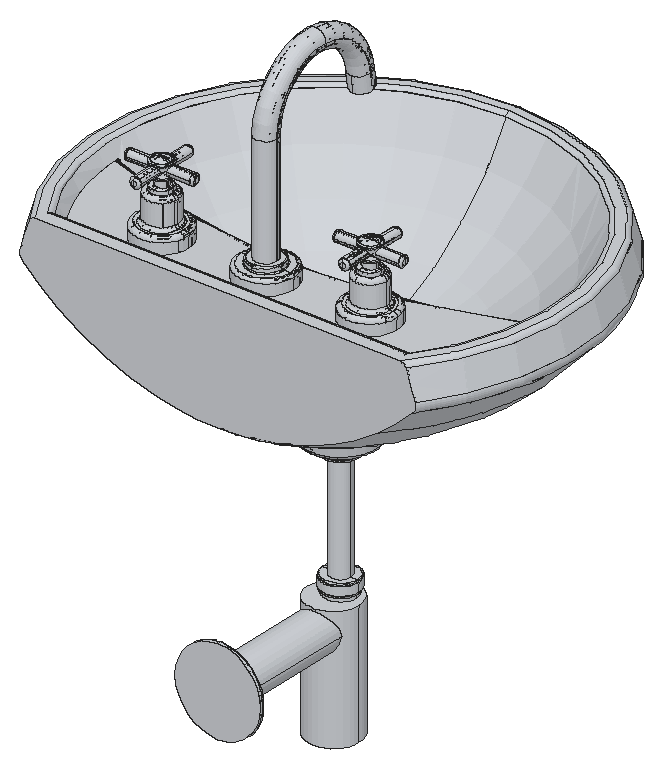
Revit family "Pia de parede - Com base na parede", category Peças hidrossanitárias, Revit 2019
Family settings
  Hospedeiro = Parede
  Cota do conector redondo = Utilizar diâmetro
  Tipo de parte = Normal
  Número OmniClass = 23.45.00.00
  Título OmniClass = Sanitary, Laundry, and Cleaning Equipment
  Sempre na vertical = Sim
  Corte com vazios quando carregada = Não
  Compartilhado = Não
  Ponto de cálculo do ambiente = Não
Parameters (values of type "455 x 360 x 850mm")
  Material da pia = none
  Altura da colocação = 850 mm
  Material do sifão = none
  Descrição = "Pia de parede"
Reference planes
  plane 1: y = 0
  plane 2 "Centro (Esquerda/Direita)": x = 125
  plane 3 "Parte posterior": y = 75
  plane 4: z = 0
  plane 5: z = 850
Text (mm)
  text "Lado da colocação" at (-1787.139, 592.35, 0), in view "Nível de referência"
  text "Lado da colocação" at (0, 1827.695, 2917.686), in view "Esquerda"
  text "Lado da colocação" at (0, 562.268, 3853.606), in view "Direita"
Dimensions and locks
  locked: plane 3 "Parte posterior" to host wall at 0
  locked: level to plane 4 at 0
  "Altura da colocação": plane 4 to plane 5
  aligned and locked: plane 1 to host wall
  aligned and locked: nested 1 to plane 2 "Centro (Esquerda/Direita)"
  aligned and locked: nested 1 to nested 2
  aligned and locked: nested 1 to plane 5
  aligned and locked: plane 3 "Parte posterior" to nested 1
Nested families
  nested 1: "Pia de parede" at (125, 75, 421.312), type "455 x 360 x 850mm"
  nested 2: "Torneira 3" at (125, 131.102, 835.007) x (-1, 0, 0) z (0, 0, 1), type "Torneira 3", detail levels fine
  nested 3: "Torneira 1" at (222.216, 131.102, 835.007) x (-1, 0, 0) z (0, 0, 1), type "Torneira 1", detail levels fine
  nested 4: "Torneira 1" at (27.784, 131.102, 835.007) x (-1, 0, 0) z (0, 0, 1), type "Torneira 1", detail levels fine
  nested 5: "Torneira 1" at (27.714, 130.877, 835.007) x (-1, 0, 0) z (0, 0, 1), type "Torneira 1"
  nested 6: "Torneira 1" at (222.286, 130.877, 835.007) x (-1, 0, 0) z (0, 0, 1), type "Torneira 1"
  nested 7: "Torneira 3" at (125, 130.877, 835.007) x (-1, 0, 0) z (0, 0, 1), type "Torneira 3"
Definition of nested family "Pia de parede"
  Parameters
    Material da pia = none
    Material do sifão = none
    Description = "Pia de parede"
  Reference planes
    plane 1 "Centro (Frente/Trás)": y = 0
    plane 2: z = 0
    plane 3 "Centro (Esquerda/Direita)": x = 0
    plane 4: y = -142.687
    plane 5: y = -55.877
    plane 6: z = 393.344
    plane 7: y = -132.708
    plane 8: y = -21.225
    plane 9: z = 413.695
    plane 10: z = 428.688
  Forms (mm)
    Extrusion 1, void
      sketch origin (-212.64, -1524, 393.344) x (0, -1, 0) y (-1, 0, 0)
        loop
          line (-1668.849, 25.211) -> (-1668.849, -451.608) -> (-1524, -451.608) -> (-1524, 25.211) -> (-1668.849, 25.211)
      from -96.535 to 151.743
    Revolve 2, solid, material <- "Material da pia"
      sketch origin (0, 0, -421.312) x (0, 1, 0) y (0, 0, 1)
        loop
          arc (-357.87, 810.842) -> (-320.779, 772.06) -> (-276.849, 741.239) r 274.398
          arc (-276.849, 741.239) -> (-269.566, 736.86) -> (-262.178, 732.659) r 349.23
          arc (-262.178, 732.659) -> (-203.7, 709.396) -> (-141.265, 701.475) r 250
          line (-141.265, 701.475) -> (-132.708, 701.475) -> (-132.708, 725.026)
          arc (-132.708, 725.026) -> (-251.164, 757.968) -> (-335.607, 847.335) r 229.45
          arc (-335.607, 847.335) -> (-337.447, 849.282) -> (-340.028, 850) r 5
          line (-340.028, 850) -> (-348.051, 850)
          arc (-348.051, 850) -> (-351.092, 848.969) -> (-352.879, 846.3) r 5
          line (-352.879, 846.3) -> (-359.833, 820.47)
          arc (-359.833, 820.47) -> (-359.989, 815.424) -> (-357.87, 810.842) r 10.976
        axis (-132.708, 850) -> (-132.708, 701.475)
      angle from 0 to 360
    Sweep 3, void
      path origin (-714.38, -1524, 428.688) x (-1, 0, 0) y (0, -1, 0)
        loop
          circle (-714.38, -1391.292) r 227.5
      profile origin (0, -360.208, 428.688) x (0, -1, 0) y (0, 0, 1)
        loop
          line (-7.329, -3.7) -> (-0.375, -29.53)
          arc (-0.375, -29.53) -> (-0.219, -34.576) -> (-2.338, -39.158) r 10.976
          arc (-2.338, -39.158) -> (-39.429, -77.94) -> (-83.359, -108.761) r 274.398
          arc (-83.359, -108.761) -> (-90.642, -113.14) -> (-98.03, -117.341) r 349.23
          arc (-98.03, -117.341) -> (-156.508, -140.604) -> (-218.943, -148.525) r 250
          line (-218.943, -148.525) -> (-227.5, -148.525) -> (-227.5, -178.761) -> (52.5, -178.761) -> (52.5, 13.024) -> (-12.158, 13.024) -> (-12.158, 0)
          arc (-12.158, 0) -> (-9.116, -1.031) -> (-7.329, -3.7) r 5
    Extrusion 4, solid, material <- "Material da pia"
      sketch origin (-714.38, -1524, 428.688) x (-1, 0, 0) y (0, -1, 0)
        loop
          arc (-514.391, -1393.421) -> (-714.38, -1436.193) -> (-914.368, -1393.421) r 488.927
          arc (-914.368, -1393.421) -> (-900.982, -1463.259) -> (-864.007, -1524) r 200
          line (-864.007, -1524) -> (-564.752, -1524)
          arc (-564.752, -1524) -> (-527.777, -1463.259) -> (-514.391, -1393.421) r 200
      from -153.396 to -14.993
    Extrusion 5, solid, material <- "Material do sifão"
      sketch origin (-714.38, -1518.64, 428.688) x (-1, 0, 0) y (0, -1, 0)
        loop
          circle (-714.38, -1383.954) r 24
      from -428.688 to -314.688
    Extrusion 6, solid, material <- "Material do sifão"
      sketch origin (0, 0, -412.27) x (1, 0, 0) y (0, 0, 1)
        loop
          circle (0, 505.414) r 19
      from 0 to 121.771
    Revolve 7, solid, material <- "Material do sifão"
      sketch origin (0, 0, -421.312) x (0, 1, 0) y (0, 0, 1)
        loop
          line (0, 554.406) -> (-2.716, 554.406)
          arc (-2.716, 554.406) -> (-3.325, 554.199) -> (-3.682, 553.663) r 1
          arc (-3.682, 553.663) -> (-7.838, 545.751) -> (-15, 540.406) r 20.204
          line (-15, 540.406) -> (-15, 539.156)
          arc (-15, 539.156) -> (-16.768, 538.424) -> (-17.5, 536.656) r 2.5
          line (-17.5, 536.656) -> (-17.5, 514.455) -> (0, 514.455) -> (0, 554.406)
        axis (0, 514.455) -> (-17.5, 514.455)
      angle from 0 to 360
    Revolve 8, solid, material <- "Material da pia"
      sketch origin (0, 0, -421.312) x (0, 1, 0) y (0, 0, 1)
        loop
          line (-182.83, 700.136) -> (-176.246, 666.262)
          arc (-176.246, 666.262) -> (-175.615, 664.943) -> (-174.255, 664.408) r 1.996
          line (-174.255, 664.408) -> (-142.687, 664.408) -> (-142.687, 708.228) -> (-192.646, 708.228)
          arc (-192.646, 708.228) -> (-186.285, 705.944) -> (-182.83, 700.136) r 10
        axis (-142.687, 708.228) -> (-142.687, 664.408)
      angle from 0 to 360
    Extrusion 9, solid, material <- "Material do sifão"
      sketch origin (-714.38, -1524, 428.688) x (-1, 0, 0) y (0, -1, 0)
        loop
          circle (-714.38, -1381.313) r 9.5
      from -299.206 to -197.186
    Revolve 10, solid, material <- "Material do sifão"
      sketch origin (0, -142.687, 3578.688) x (-1, 0, 0) y (0, 0, 1)
        loop
          arc (16.5, -3336.086) -> (16.354, -3335.732) -> (16, -3335.586) r 0.5
          line (16, -3335.586) -> (0, -3335.586) -> (0, -3347.186) -> (16, -3347.186)
          arc (16, -3347.186) -> (16.354, -3347.04) -> (16.5, -3346.686) r 0.5
          line (16.5, -3346.686) -> (16.5, -3345.686) -> (17.201, -3345.281) -> (17.201, -3337.489) -> (16.5, -3337.085) -> (16.5, -3336.086)
        loop
          line (0, -3449.206) -> (0, -3464.688) -> (15.024, -3464.688) -> (15.024, -3460.806) -> (16, -3460.806)
          arc (16, -3460.806) -> (16.354, -3460.66) -> (16.5, -3460.306) r 0.5
          line (16.5, -3460.306) -> (16.5, -3459.306) -> (17.201, -3458.902) -> (17.201, -3451.109) -> (16.5, -3450.706) -> (16.5, -3449.706)
          arc (16.5, -3449.706) -> (16.354, -3449.352) -> (16, -3449.206) r 0.5
          line (16, -3449.206) -> (0, -3449.206)
        axis (0, -3335.586) -> (0, -3464.688)
      angle from 0 to 360
    Extrusion 11, solid, material <- "Material da pia"
      sketch origin (0, 0, -421.312) x (0, 1, 0) y (0, 0, 1)
        loop
          line (-21.225, 835.007) -> (0, 835.007) -> (0, 850) -> (-12.033, 850)
          arc (-12.033, 850) -> (-14.865, 849.121) -> (-16.701, 846.792) r 5
          line (-16.701, 846.792) -> (-21.225, 835.007)
      from -171.71 to 166.483
    Sweep 12, void
      path origin (-195.854, -1524, 413.695) x (-1, 0, 0) y (0, -1, 0)
        loop
          arc (8.817, -1391.292) -> (-195.854, -1436.193) -> (-400.525, -1391.292) r 488.927
      profile origin (0, -87.807, 413.695) x (0, 1, 0) y (0, 0, 1)
        loop
          line (3.327, -0.288) -> (4.138, 0) -> (0, 0) -> (0, -4.138) -> (0.288, -3.327)
          arc (0.288, -3.327) -> (1.464, -1.464) -> (3.327, -0.288) r 5
  Cuts and joins
    joined: Extrusion 5, Extrusion 6, Revolve 7, Extrusion 9, Revolve 10
    Extrusion 1, Sweep 12 cuts Revolve 2
    Sweep 3, Sweep 12 cuts Extrusion 4
    Sweep 12 cuts Revolve 8
    Sweep 12 cuts Extrusion 11
    joined: Revolve 2, Extrusion 4, Revolve 8, Extrusion 11
  Lines and regions (mm)
    Masking region 1
      outline origin (0, 0, 0) x (1, 0, 0) y (0, 1, 0)
        loop
          line (189.902, 0) -> (-189.902, 0)
          arc (-189.902, 0) -> (-190.918, -0.278) -> (-191.651, -1.036) r 1.996
          arc (-191.651, -1.036) -> (-211.708, -46.003) -> (-224.122, -93.649) r 299.342
          arc (-224.122, -93.649) -> (-174.13, -279.116) -> (0, -360.209) r 227.5
          arc (0, -360.209) -> (174.13, -279.116) -> (224.122, -93.649) r 227.5
          arc (224.122, -93.649) -> (211.708, -46.003) -> (191.651, -1.036) r 299.342
          arc (191.651, -1.036) -> (190.918, -0.278) -> (189.902, 0) r 1.996
    Masking region 2
      outline origin (0, 0, -421.312) x (1, 0, 0) y (0, 0, 1)
        loop
          arc (-179.268, 846.49) -> (-197.166, 846.16) -> (-215.062, 845.76) r 4575.985
          arc (-215.062, 845.76) -> (-219.269, 844.215) -> (-221.676, 840.437) r 6.985
          line (-221.676, 840.437) -> (-227.132, 818.215)
          arc (-227.132, 818.215) -> (-227.3, 813.797) -> (-225.711, 809.672) r 10.976
          arc (-225.711, 809.672) -> (-201.103, 778.094) -> (-171.152, 751.53) r 218.727
          arc (-171.152, 751.53) -> (-129.265, 724.594) -> (-84.35, 703.085) r 399.124
          arc (-84.35, 703.085) -> (-83.037, 702.765) -> (-81.685, 702.809) r 4.989
          arc (-81.685, 702.809) -> (-66.936, 705.189) -> (-52.119, 707.095) r 466.077
          arc (-52.119, 707.095) -> (-40.868, 703.722) -> (-35.517, 693.266) r 14.967
          line (-35.517, 693.266) -> (-33.629, 666.271)
          arc (-33.629, 666.271) -> (-32.999, 664.95) -> (-31.638, 664.414) r 1.996
          line (-31.638, 664.414) -> (-9.5, 664.414) -> (-9.5, 535.312) -> (-24, 535.312) -> (-24, 421.312) -> (24, 421.312) -> (24, 535.312) -> (9.5, 535.312) -> (9.5, 664.414) -> (31.638, 664.414)
          arc (31.638, 664.414) -> (32.999, 664.95) -> (33.629, 666.271) r 1.996
          line (33.629, 666.271) -> (35.517, 693.266)
          arc (35.517, 693.266) -> (40.868, 703.722) -> (52.119, 707.095) r 14.967
          arc (52.119, 707.095) -> (66.936, 705.189) -> (81.685, 702.809) r 466.077
          arc (81.685, 702.809) -> (83.037, 702.765) -> (84.35, 703.085) r 4.989
          arc (84.35, 703.085) -> (129.265, 724.594) -> (171.153, 751.529) r 399.124
          arc (171.153, 751.529) -> (201.103, 778.094) -> (225.711, 809.672) r 218.727
          arc (225.711, 809.672) -> (227.3, 813.797) -> (227.132, 818.215) r 10.976
          line (227.132, 818.215) -> (221.676, 840.437)
          arc (221.676, 840.437) -> (219.269, 844.215) -> (215.062, 845.754) r 6.985
          arc (215.062, 845.754) -> (197.166, 846.16) -> (179.268, 846.49) r 4575.985
          arc (179.268, 846.49) -> (89.651, 849.123) -> (0, 850) r 4575.984
          arc (0, 850) -> (-89.651, 849.123) -> (-179.268, 846.49) r 4575.984
    Masking region 3, detail levels coarse
      outline origin (0, 0, -421.312) x (1, 0, 0) y (0, 0, 1)
        loop
          line (-9.5, 664.414) -> (-9.5, 535.312) -> (9.5, 535.312) -> (9.5, 664.414) -> (-9.5, 664.414)
    Masking region 4, detail levels fine
      outline origin (0, 0, -421.312) x (1, 0, 0) y (0, 0, 1)
        loop
          arc (-16, 664.414) -> (-16.354, 664.268) -> (-16.5, 663.914) r 0.5
          line (-16.5, 663.914) -> (-16.5, 662.915) -> (-17.2, 662.511) -> (-17.2, 654.719) -> (-16.5, 654.314) -> (-16.5, 653.314)
          arc (-16.5, 653.314) -> (-16.354, 652.96) -> (-16, 652.814) r 0.5
          line (-16, 652.814) -> (-9.5, 652.814) -> (-9.5, 664.414) -> (-16, 664.414)
        loop
          line (-9.5, 550.794) -> (-16, 550.794)
          arc (-16, 550.794) -> (-16.354, 550.648) -> (-16.5, 550.294) r 0.5
          line (-16.5, 550.294) -> (-16.5, 549.294) -> (-17.2, 548.891) -> (-17.2, 541.098) -> (-16.5, 540.694) -> (-16.5, 539.694)
          arc (-16.5, 539.694) -> (-16.354, 539.34) -> (-16, 539.194) r 0.5
          line (-16, 539.194) -> (-15.023, 539.194) -> (-15.023, 535.312) -> (-9.5, 535.312) -> (-9.5, 550.794)
        loop
          line (15.023, 535.312) -> (15.023, 539.194) -> (16, 539.194)
          arc (16, 539.194) -> (16.354, 539.34) -> (16.5, 539.694) r 0.5
          line (16.5, 539.694) -> (16.5, 540.694) -> (17.2, 541.098) -> (17.2, 548.891) -> (16.5, 549.294) -> (16.5, 550.294)
          arc (16.5, 550.294) -> (16.354, 550.648) -> (16, 550.794) r 0.5
          line (16, 550.794) -> (9.5, 550.794) -> (9.5, 535.312) -> (15.023, 535.312)
        loop
          arc (16.5, 663.914) -> (16.354, 664.268) -> (16, 664.414) r 0.5
          line (16, 664.414) -> (9.5, 664.414) -> (9.5, 652.814) -> (16, 652.814)
          arc (16, 652.814) -> (16.354, 652.96) -> (16.5, 653.314) r 0.5
          line (16.5, 653.314) -> (16.5, 654.314) -> (17.2, 654.719) -> (17.2, 662.511) -> (16.5, 662.915) -> (16.5, 663.914)
    Masking region 5, detail levels medium
      outline origin (0, 0, -421.312) x (1, 0, 0) y (0, 0, 1)
        loop
          arc (-16, 664.414) -> (-16.354, 664.268) -> (-16.5, 663.914) r 0.5
          line (-16.5, 663.914) -> (-16.5, 653.314)
          arc (-16.5, 653.314) -> (-16.354, 652.96) -> (-16, 652.814) r 0.5
          line (-16, 652.814) -> (-9.5, 652.814) -> (-9.5, 664.414) -> (-16, 664.414)
        loop
          line (-9.5, 550.794) -> (-16, 550.794)
          arc (-16, 550.794) -> (-16.354, 550.648) -> (-16.5, 550.294) r 0.5
          line (-16.5, 550.294) -> (-16.5, 539.694)
          arc (-16.5, 539.694) -> (-16.354, 539.34) -> (-16, 539.194) r 0.5
          line (-16, 539.194) -> (-15.023, 539.194) -> (-15.023, 535.312) -> (-9.5, 535.312) -> (-9.5, 550.794)
        loop
          line (15.023, 535.312) -> (15.023, 539.194) -> (16, 539.194)
          arc (16, 539.194) -> (16.354, 539.34) -> (16.5, 539.694) r 0.5
          line (16.5, 539.694) -> (16.5, 550.294)
          arc (16.5, 550.294) -> (16.354, 550.648) -> (16, 550.794) r 0.5
          line (16, 550.794) -> (9.5, 550.794) -> (9.5, 535.312) -> (15.023, 535.312)
        loop
          arc (16.5, 663.914) -> (16.354, 664.268) -> (16, 664.414) r 0.5
          line (16, 664.414) -> (9.5, 664.414) -> (9.5, 652.814) -> (16, 652.814)
          arc (16, 652.814) -> (16.354, 652.96) -> (16.5, 653.314) r 0.5
          line (16.5, 653.314) -> (16.5, 663.914)
    Masking region 6
      outline origin (0, 0, -421.306) x (0, 1, 0) y (0, 0, 1)
        loop
          line (0, 666.403) -> (0, 848.005)
          arc (0, 848.005) -> (-0.584, 849.416) -> (-1.995, 850) r 1.995
          line (-1.995, 850) -> (-9.322, 850)
          arc (-9.322, 850) -> (-178.515, 845.113) -> (-347.778, 845.01) r 5986.847
          arc (-347.778, 845.01) -> (-352.084, 843.599) -> (-354.617, 839.842) r 6.985
          line (-354.617, 839.842) -> (-359.833, 820.47)
          arc (-359.833, 820.47) -> (-359.989, 815.424) -> (-357.87, 810.842) r 10.976
          arc (-357.87, 810.842) -> (-320.779, 772.06) -> (-276.849, 741.239) r 274.398
          arc (-276.849, 741.239) -> (-263.455, 733.368) -> (-249.724, 726.102) r 349.23
          arc (-249.724, 726.102) -> (-246.509, 724.428) -> (-243.283, 722.777) r 498.931
          arc (-243.283, 722.777) -> (-238.309, 718.843) -> (-235.259, 713.283) r 15.965
          arc (-235.259, 713.283) -> (-233.492, 710.777) -> (-230.593, 709.778) r 4.989
          line (-230.593, 709.778) -> (-208.296, 708.583)
          arc (-208.296, 708.583) -> (-196.921, 704.833) -> (-185.425, 701.475) r 349.233
          arc (-185.425, 701.475) -> (-180.345, 698.18) -> (-178.105, 692.554) r 9.978
          line (-178.105, 692.554) -> (-176.246, 666.262)
          arc (-176.246, 666.262) -> (-175.615, 664.943) -> (-174.255, 664.408) r 1.996
          line (-174.255, 664.408) -> (-152.187, 664.408) -> (-152.187, 535.306) -> (-158.687, 535.306) -> (-158.687, 421.306) -> (-110.687, 421.306) -> (-110.687, 495.455) -> (0, 495.455) -> (0, 533.455) -> (-110.687, 533.455) -> (-110.687, 535.306) -> (-133.187, 535.306) -> (-133.187, 664.408) -> (-110.717, 664.408)
          arc (-110.717, 664.408) -> (-109.72, 664.675) -> (-108.989, 665.405) r 1.996
          arc (-108.989, 665.405) -> (-108.259, 666.136) -> (-107.261, 666.403) r 1.996
          line (-107.261, 666.403) -> (0, 666.403)
    Masking region 7, detail levels medium
      outline origin (0, 0, -421.306) x (0, 1, 0) y (0, 0, 1)
        loop
          line (-133.187, 664.408) -> (-133.187, 652.807) -> (-126.687, 652.807)
          arc (-126.687, 652.807) -> (-126.333, 652.954) -> (-126.187, 653.307) r 0.5
          line (-126.187, 653.307) -> (-126.187, 663.908)
          arc (-126.187, 663.908) -> (-126.333, 664.261) -> (-126.687, 664.408) r 0.5
          line (-126.687, 664.408) -> (-133.187, 664.408)
        loop
          line (-152.187, 664.408) -> (-158.687, 664.408)
          arc (-158.687, 664.408) -> (-159.04, 664.261) -> (-159.187, 663.908) r 0.5
          line (-159.187, 663.908) -> (-159.187, 653.307)
          arc (-159.187, 653.307) -> (-159.04, 652.954) -> (-158.687, 652.807) r 0.5
          line (-158.687, 652.807) -> (-152.187, 652.807) -> (-152.187, 664.408)
        loop
          line (-133.187, 550.787) -> (-133.187, 535.306) -> (-127.687, 535.306) -> (-127.687, 539.187) -> (-126.687, 539.187)
          arc (-126.687, 539.187) -> (-126.333, 539.334) -> (-126.187, 539.687) r 0.5
          line (-126.187, 539.687) -> (-126.187, 550.287)
          arc (-126.187, 550.287) -> (-126.333, 550.641) -> (-126.687, 550.787) r 0.5
          line (-126.687, 550.787) -> (-133.187, 550.787)
        loop
          line (-152.187, 550.787) -> (-158.687, 550.787)
          arc (-158.687, 550.787) -> (-159.04, 550.641) -> (-159.187, 550.287) r 0.5
          line (-159.187, 550.287) -> (-159.187, 539.687)
          arc (-159.187, 539.687) -> (-159.04, 539.334) -> (-158.687, 539.187) r 0.5
          line (-158.687, 539.187) -> (-157.687, 539.187) -> (-157.687, 535.306) -> (-152.187, 535.306) -> (-152.187, 550.787)
    Masking region 8, detail levels fine
      outline origin (0, 0, -421.306) x (0, 1, 0) y (0, 0, 1)
        loop
          arc (-126.187, 663.908) -> (-126.333, 664.261) -> (-126.687, 664.408) r 0.5
          line (-126.687, 664.408) -> (-133.187, 664.408) -> (-133.187, 652.807) -> (-126.687, 652.807)
          arc (-126.687, 652.807) -> (-126.333, 652.954) -> (-126.187, 653.307) r 0.5
          line (-126.187, 653.307) -> (-126.187, 654.307) -> (-125.486, 654.712) -> (-125.486, 662.504) -> (-126.187, 662.908) -> (-126.187, 663.908)
        loop
          line (-133.187, 550.787) -> (-133.187, 535.306) -> (-127.687, 535.306) -> (-127.687, 539.187) -> (-126.687, 539.187)
          arc (-126.687, 539.187) -> (-126.333, 539.334) -> (-126.187, 539.687) r 0.5
          line (-126.187, 539.687) -> (-126.187, 540.687) -> (-125.487, 541.092) -> (-125.487, 548.884) -> (-126.187, 549.287) -> (-126.187, 550.287)
          arc (-126.187, 550.287) -> (-126.333, 550.641) -> (-126.687, 550.787) r 0.5
          line (-126.687, 550.787) -> (-133.187, 550.787)
        loop
          line (-159.187, 663.908) -> (-159.187, 662.908) -> (-159.887, 662.504) -> (-159.887, 654.712) -> (-159.187, 654.307) -> (-159.187, 653.307)
          arc (-159.187, 653.307) -> (-159.04, 652.954) -> (-158.687, 652.807) r 0.5
          line (-158.687, 652.807) -> (-152.187, 652.807) -> (-152.187, 664.408) -> (-158.687, 664.408)
          arc (-158.687, 664.408) -> (-159.04, 664.261) -> (-159.187, 663.908) r 0.5
        loop
          line (-152.187, 550.787) -> (-158.687, 550.787)
          arc (-158.687, 550.787) -> (-159.04, 550.641) -> (-159.187, 550.287) r 0.5
          line (-159.187, 550.287) -> (-159.187, 549.287) -> (-159.887, 548.884) -> (-159.887, 541.092) -> (-159.187, 540.687) -> (-159.187, 539.687)
          arc (-159.187, 539.687) -> (-159.04, 539.334) -> (-158.687, 539.187) r 0.5
          line (-158.687, 539.187) -> (-157.687, 539.187) -> (-157.687, 535.306) -> (-152.187, 535.306) -> (-152.187, 550.787)
    Masking region 9, detail levels medium+fine
      outline origin (0, 0, -421.306) x (0, 1, 0) y (0, 0, 1)
        loop
          line (0, 554.406) -> (-2.716, 554.406)
          arc (-2.716, 554.406) -> (-3.325, 554.199) -> (-3.682, 553.663) r 1
          arc (-3.682, 553.663) -> (-7.838, 545.751) -> (-15, 540.406) r 20.204
          line (-15, 540.406) -> (-15, 539.156)
          arc (-15, 539.156) -> (-16.768, 538.424) -> (-17.5, 536.656) r 2.5
          line (-17.5, 536.656) -> (-17.5, 533.455) -> (0, 533.455) -> (0, 554.406)
        loop
          line (0, 474.407) -> (0, 495.357) -> (-17.5, 495.357) -> (-17.5, 492.156)
          arc (-17.5, 492.156) -> (-16.768, 490.388) -> (-15, 489.656) r 2.5
          line (-15, 489.656) -> (-15, 488.406)
          arc (-15, 488.406) -> (-7.838, 483.061) -> (-3.682, 475.149) r 20.204
          arc (-3.682, 475.149) -> (-3.325, 474.614) -> (-2.716, 474.407) r 1
          line (-2.716, 474.407) -> (0, 474.407)
    Masking region 10, detail levels medium+fine
      outline origin (0, 0, 93.15) x (0, 1, 0) y (0, 0, 1)
        loop
          line (0, 19) -> (0, -19) -> (18.5, -19) -> (18.5, 19) -> (0, 19)
    symbolic lines, detail levels medium+fine
      curve 1: arc (-134.984, -28.029, 0) -> (-169.284, -42.342, 0) -> (-190.094, -73.136, 0) r 64.858
      curve 2: arc (-190.094, -73.136, 0) -> (-196.472, -99.794, 0) -> (-199.13, -127.075, 0) r 199.21
      curve 3: arc (-199.13, -127.075, 0) -> (-198.25, -128.787, 0) -> (-196.334, -128.959, 0) r 1.996
      curve 5: arc (135.079, -28.039, 0) -> (0.047, -20.954, 0) -> (-134.984, -28.029, 0) r 1291.208
      curve 30: line (-227.408, 0, 393.344) -> (227.263, 0, 393.344)
      curve 46: line (-15.023, 0, 117.882) -> (-15.023, 0, 114)
      curve 47: line (-9.5, 0, 231.502) -> (-9.5, 0, 129.482)
      curve 49: line (-16, 0, 231.502) -> (16, 0, 231.502)
      curve 50: line (-16.5, 0, 241.602) -> (-16.5, 0, 242.602)
      curve 51: line (-16.5, 0, 232.002) -> (-16.5, 0, 233.002)
      curve 52: line (16, 0, 117.882) -> (-16, 0, 117.882)
      curve 53: line (16, 0, 129.482) -> (-16, 0, 129.482)
      curve 54: line (-16.5, 0, 119.382) -> (-16.5, 0, 118.382)
      curve 55: line (-16.5, 0, 128.982) -> (-16.5, 0, 127.982)
      curve 58: arc (-16.5, 0, 242.602) -> (-16.354, 0, 242.955) -> (-16, 0, 243.102) r 0.5
      curve 59: arc (-16.5, 0, 232.002) -> (-16.354, 0, 231.648) -> (-16, 0, 231.502) r 0.5
      curve 60: arc (-16, 0, 129.482) -> (-16.354, 0, 129.335) -> (-16.5, 0, 128.982) r 0.5
      curve 61: arc (-16.5, 0, 118.382) -> (-16.354, 0, 118.028) -> (-16, 0, 117.882) r 0.5
      curve 64: arc (-51.416, 0, 285.845) -> (-25.711, 0, 287.984) -> (0.073, 0, 288.698) r 466.078
      curve 68: arc (0, -87.405, 250.653) -> (0, -89.298, 246.701) -> (0, -93.376, 245.098) r 5.987
      curve 69: arc (0, -0.001, 320.86) -> (0, -0.878, 318.743) -> (0, -2.994, 317.866) r 2.993
      curve 70: arc (0, -68.626, 317.866) -> (0, -78.821, 313.857) -> (0, -83.554, 303.977) r 14.967
      curve 103: line (0, -157.687, 117.882) -> (0, -157.687, 114)
      curve 104: line (0, -127.687, 117.882) -> (0, -127.687, 114)
      curve 106: line (0, -133.187, 231.502) -> (0, -133.187, 129.482)
      curve 107: line (0, -152.187, 231.502) -> (0, -152.187, 129.482)
      curve 110: line (0, -126.687, 231.502) -> (0, -158.687, 231.502)
      curve 111: line (0, -159.187, 241.602) -> (0, -159.187, 242.602)
      curve 112: line (0, -159.187, 232.002) -> (0, -159.187, 233.002)
      curve 113: line (0, -126.187, 241.602) -> (0, -126.187, 242.602)
      curve 114: line (0, -126.187, 232.002) -> (0, -126.187, 233.002)
      curve 115: line (0, -158.687, 129.482) -> (0, -126.687, 129.482)
      curve 116: line (0, -158.687, 117.882) -> (0, -126.687, 117.882)
      curve 117: line (0, -126.187, 119.382) -> (0, -126.187, 118.382)
      curve 118: line (0, -126.187, 128.982) -> (0, -126.187, 127.982)
      curve 119: line (0, -159.187, 119.382) -> (0, -159.187, 118.382)
      curve 120: line (0, -159.187, 128.982) -> (0, -159.187, 127.982)
      curve 121: line (0, 0, 133.1) -> (0, 0, 112.15)
      curve 122: line (0, -17.5, 115.35) -> (0, -17.5, 70.949)
      curve 125: line (0, -87.405, 250.653) -> (0, -85.236, 280.682)
      curve 128: line (0, -2.994, 317.866) -> (0, -68.626, 317.866)
      curve 129: line (0, -83.554, 303.977) -> (0, -85.236, 280.682)
      curve 137: arc (0, -126.187, 242.602) -> (0, -126.333, 242.955) -> (0, -126.687, 243.102) r 0.5
      curve 138: arc (0, -158.687, 243.102) -> (0, -159.04, 242.955) -> (0, -159.187, 242.602) r 0.5
      curve 139: arc (0, -126.187, 232.002) -> (0, -126.333, 231.648) -> (0, -126.687, 231.502) r 0.5
      curve 140: arc (0, -158.687, 231.502) -> (0, -159.04, 231.648) -> (0, -159.187, 232.002) r 0.5
      curve 141: arc (0, -126.187, 128.982) -> (0, -126.333, 129.335) -> (0, -126.687, 129.482) r 0.5
      curve 142: arc (0, -158.687, 129.482) -> (0, -159.04, 129.335) -> (0, -159.187, 128.982) r 0.5
      curve 143: arc (0, -126.187, 118.382) -> (0, -126.333, 118.028) -> (0, -126.687, 117.882) r 0.5
      curve 144: arc (0, -158.687, 117.882) -> (0, -159.04, 118.028) -> (0, -159.187, 118.382) r 0.5
      curve 152: arc (135.079, -28.039, 0) -> (169.321, -42.372, 0) -> (190.094, -73.136, 0) r 64.858
      curve 153: arc (190.094, -73.136, 0) -> (196.472, -99.794, 0) -> (199.13, -127.075, 0) r 199.21
      curve 154: arc (199.13, -127.075, 0) -> (198.265, -128.777, 0) -> (196.366, -128.973, 0) r 1.996
      curve 178: line (9.5, 0, 231.502) -> (9.5, 0, 129.482)
      curve 181: arc (51.416, 0, 285.845) -> (25.711, 0, 287.984) -> (-0.073, 0, 288.698) r 466.078
      curve 184: line (16.5, 0, 241.602) -> (16.5, 0, 242.602)
      curve 185: line (16.5, 0, 232.002) -> (16.5, 0, 233.002)
      curve 188: arc (16.5, 0, 242.602) -> (16.354, 0, 242.955) -> (16, 0, 243.102) r 0.5
      curve 189: arc (16.5, 0, 232.002) -> (16.354, 0, 231.648) -> (16, 0, 231.502) r 0.5
      curve 194: line (15.023, 0, 117.882) -> (15.023, 0, 114)
      curve 195: line (16.5, 0, 119.382) -> (16.5, 0, 118.382)
      curve 196: line (16.5, 0, 128.982) -> (16.5, 0, 127.982)
      curve 197: arc (16, 0, 129.482) -> (16.354, 0, 129.335) -> (16.5, 0, 128.982) r 0.5
      curve 198: arc (16.5, 0, 118.382) -> (16.354, 0, 118.028) -> (16, 0, 117.882) r 0.5
      curve 203: line (0, 0, 133.1) -> (0, -2.716, 133.1)
      curve 204: arc (0, -2.716, 133.1) -> (0, -3.325, 132.893) -> (0, -3.682, 132.358) r 1
      curve 205: arc (0, -3.682, 132.358) -> (0, -7.838, 124.446) -> (0, -15, 119.1) r 20.204
      curve 206: arc (0, -15, 117.85) -> (0, -16.768, 117.118) -> (0, -17.5, 115.35) r 2.5
      curve 207: line (0, -15, 119.1) -> (0, -15, 117.85)
      curve 208: line (0, 0, 53.2) -> (0, -2.716, 53.2)
      curve 209: arc (0, -2.716, 53.2) -> (0, -3.325, 53.407) -> (0, -3.682, 53.942) r 1
      curve 210: arc (0, -3.682, 53.942) -> (0, -7.838, 61.854) -> (0, -15, 67.2) r 20.204
      curve 211: arc (0, -15, 68.449) -> (0, -16.768, 69.182) -> (0, -17.5, 70.949) r 2.5
      curve 212: line (0, -15, 67.2) -> (0, -15, 68.449)
      curve 216: line (0, 0, 74.15) -> (0, 0, 53.101)
      curve 217: line (0, 0, 112.15) -> (0, 18.5, 112.15)
      curve 218: line (0, 0, 74.15) -> (0, 18.5, 74.15)
      curve 219: line (0, 18.5, 112.15) -> (0, 18.5, 74.15)
    symbolic lines
      curve 4: arc (-196.334, -128.959, 0) -> (0.017, -87.807, 0) -> (196.366, -128.973, 0) r 488.927
      curve 6: arc (-189.902, 0, 0) -> (-190.918, -0.278, 0) -> (-191.651, -1.036, 0) r 1.996
      curve 7: arc (-191.651, -1.036, 0) -> (-211.708, -46.003, 0) -> (-224.122, -93.649, 0) r 299.342
      curve 8: arc (-224.122, -93.649, 0) -> (-174.13, -279.116, 0) -> (0, -360.209, 0) r 227.5
      curve 9: line (189.902, 0, 0) -> (-189.902, 0, 0)
      curve 10: arc (-139.35, -22.519, 0) -> (-179.874, -39.984, 0) -> (-203.513, -77.245, 0) r 74.836
      curve 11: arc (-203.513, -77.245, 0) -> (-167.62, -260.76, 0) -> (0, -343.644, 0) r 210.936
      curve 12: arc (139.351, -22.519, 0) -> (0, -15.013, 0) -> (-139.35, -22.519, 0) r 1297.152
      curve 17: circle (0, -142.687, 0) r 22.5 normal (0, 0, 1)
      curve 20: arc (-179.268, 0, 425.178) -> (-197.166, 0, 424.848) -> (-215.062, 0, 424.448) r 4575.985
      curve 21: arc (-221.676, 0, 419.124) -> (-219.269, 0, 422.902) -> (-215.062, 0, 424.442) r 6.985
      curve 22: arc (-81.685, 0, 281.497) -> (-83.011, 0, 281.45) -> (-84.301, 0, 281.754) r 4.989
      curve 25: arc (-171.152, 0, 330.217) -> (-201.103, 0, 356.782) -> (-225.711, 0, 388.36) r 218.727
      curve 26: arc (-225.711, 0, 388.36) -> (-227.3, 0, 392.485) -> (-227.132, 0, 396.903) r 10.976
      curve 27: arc (-52.119, 0, 285.783) -> (-40.868, 0, 282.41) -> (-35.517, 0, 271.954) r 14.967
      curve 28: arc (-33.629, 0, 244.958) -> (-32.999, 0, 243.638) -> (-31.638, 0, 243.102) r 1.996
      curve 31: line (-227.132, 0, 396.903) -> (-221.676, 0, 419.124)
      curve 32: line (-35.517, 0, 271.954) -> (-33.629, 0, 244.958)
      curve 33: line (-31.638, 0, 243.102) -> (31.638, 0, 243.102)
      curve 34: arc (0, 0, 428.688) -> (-89.651, 0, 427.811) -> (-179.268, 0, 425.178) r 4575.984
      curve 35: arc (-171.153, 0, 330.217) -> (-129.286, 0, 303.293) -> (-84.394, 0, 281.79) r 399.124
      curve 44: line (24, 0, 114) -> (-24, 0, 114)
      curve 45: line (-24, 0, 114) -> (-24, 0, 0)
      curve 48: line (24, 0, 0) -> (-24, 0, 0)
      curve 63: arc (-81.506, 0, 281.503) -> (-66.496, 0, 283.92) -> (-51.416, 0, 285.845) r 466.078
      curve 71: arc (0, -9.172, 428.694) -> (0, -9.322, 428.693) -> (0, -9.472, 428.688) r 6.985
      curve 72: arc (0, -9.472, 428.688) -> (0, -178.59, 423.806) -> (0, -347.778, 423.705) r 5986.847
      curve 73: arc (0, -347.778, 423.705) -> (0, -352.084, 422.293) -> (0, -354.617, 418.536) r 6.985
      curve 74: arc (0, -359.833, 399.164) -> (0, -359.989, 394.118) -> (0, -357.87, 389.536) r 10.976
      curve 75: arc (0, -357.87, 389.536) -> (0, -320.779, 350.754) -> (0, -276.849, 319.933) r 274.398
      curve 76: arc (0, -276.849, 319.933) -> (0, -263.455, 312.063) -> (0, -249.724, 304.796) r 349.23
      curve 77: arc (0, -249.724, 304.796) -> (0, -246.509, 303.122) -> (0, -243.283, 301.472) r 498.931
      curve 78: arc (0, -243.283, 301.472) -> (0, -238.309, 297.538) -> (0, -235.259, 291.977) r 15.965
      curve 79: arc (0, -230.389, 288.473) -> (0, -233.41, 289.411) -> (0, -235.258, 291.977) r 4.989
      curve 80: arc (0, -208.296, 287.277) -> (0, -196.921, 283.527) -> (0, -185.425, 280.169) r 349.233
      curve 81: arc (0, -185.425, 280.169) -> (0, -180.345, 276.874) -> (0, -178.105, 271.249) r 9.978
      curve 82: arc (0, -176.246, 244.957) -> (0, -175.615, 243.638) -> (0, -174.255, 243.102) r 1.996
      curve 83: arc (0, -110.717, 243.102) -> (0, -109.72, 243.369) -> (0, -108.989, 244.1) r 1.996
      curve 84: arc (0, -108.989, 244.1) -> (0, -108.259, 244.83) -> (0, -107.261, 245.098) r 1.996
      curve 99: line (0, -158.687, 0) -> (0, -110.687, 0)
      curve 100: line (0, -158.687, 114) -> (0, -110.687, 114)
      curve 101: line (0, -110.687, 114) -> (0, -110.687, 112.448)
      curve 102: line (0, -110.687, 73.851) -> (0, -110.687, 0)
      curve 105: line (0, -158.687, 114) -> (0, -158.687, 0)
      curve 108: line (0, -110.928, 74.15) -> (0, -17.5, 74.15)
      curve 109: line (0, -110.928, 112.15) -> (0, -17.5, 112.15)
      curve 130: line (0, -1.995, 428.694) -> (0, -9.172, 428.694)
      curve 131: line (0, -354.617, 418.536) -> (0, -359.833, 399.164)
      curve 132: line (0, -178.105, 271.249) -> (0, -176.246, 244.957)
      curve 133: line (0, -174.255, 243.102) -> (0, -110.717, 243.102)
      curve 134: line (0, -107.261, 245.098) -> (0, 0, 245.098)
      curve 135: line (0, 0, 245.098) -> (0, 0, 426.699)
      curve 136: arc (0, 0, 426.699) -> (0, -0.584, 428.11) -> (0, -1.995, 428.694) r 1.995
      curve 145: line (0, -110.687, 112.448) -> (0, -116.125, 105.71)
      curve 147: line (0, -208.296, 287.277) -> (0, -230.593, 288.472)
      curve 155: arc (189.902, 0, 0) -> (190.918, -0.278, 0) -> (191.651, -1.036, 0) r 1.996
      curve 156: arc (191.651, -1.036, 0) -> (211.708, -46.003, 0) -> (224.122, -93.649, 0) r 299.342
      curve 157: arc (224.122, -93.649, 0) -> (174.13, -279.116, 0) -> (0, -360.209, 0) r 227.5
      curve 158: arc (139.35, -22.519, 0) -> (179.874, -39.984, 0) -> (203.513, -77.245, 0) r 74.836
      curve 159: arc (203.513, -77.245, 0) -> (167.62, -260.76, 0) -> (0, -343.644, 0) r 210.936
      curve 164: arc (179.268, 0, 425.178) -> (197.166, 0, 424.848) -> (215.062, 0, 424.448) r 4575.985
      curve 165: arc (221.676, 0, 419.124) -> (219.269, 0, 422.902) -> (215.062, 0, 424.442) r 6.985
      curve 166: arc (81.685, 0, 281.497) -> (83.011, 0, 281.45) -> (84.301, 0, 281.754) r 4.989
      curve 169: arc (171.152, 0, 330.217) -> (201.103, 0, 356.782) -> (225.711, 0, 388.36) r 218.727
      curve 170: arc (225.711, 0, 388.36) -> (227.3, 0, 392.485) -> (227.132, 0, 396.903) r 10.976
      curve 171: arc (52.119, 0, 285.783) -> (40.868, 0, 282.41) -> (35.517, 0, 271.954) r 14.967
      curve 172: arc (33.629, 0, 244.958) -> (32.999, 0, 243.638) -> (31.638, 0, 243.102) r 1.996
      curve 173: line (227.132, 0, 396.903) -> (221.676, 0, 419.124)
      curve 174: line (35.517, 0, 271.954) -> (33.629, 0, 244.958)
      curve 175: arc (0, 0, 428.688) -> (89.651, 0, 427.811) -> (179.268, 0, 425.178) r 4575.984
      curve 176: arc (171.153, 0, 330.217) -> (129.286, 0, 303.293) -> (84.394, 0, 281.79) r 399.124
      curve 177: line (24, 0, 114) -> (24, 0, 0)
      curve 180: arc (81.506, 0, 281.503) -> (66.496, 0, 283.92) -> (51.416, 0, 285.845) r 466.078
      curve 201: line (0, -110.687, 73.851) -> (0, -116.125, 80.59)
      curve 202: arc (0, -116.125, 105.71) -> (0, -120.56, 93.15) -> (0, -116.125, 80.59) r 20
      curve 215: line (0, 0, 112.15) -> (0, 0, 74.15)
    symbolic lines, detail levels fine
      curve 13: arc (-180.956, 0, 0) -> (-181.96, -0.271, 0) -> (-182.691, -1.01, 0) r 1.996
      curve 14: arc (-182.691, -1.01, 0) -> (-196.622, -28.898, 0) -> (-207.495, -58.115, 0) r 291.532
      curve 15: arc (-207.495, -58.115, 0) -> (-180.369, -259.537, 0) -> (0, -353.204, 0) r 220.496
      curve 16: circle (0, -142.687, 0) r 35 normal (0, 0, 1)
      curve 18: circle (-97.286, -55.877, 0) r 14.5 normal (0, 0, 1)
      curve 19: circle (0, -55.877, 0) r 14.5 normal (0, 0, 1)
      curve 23: arc (-87.303, 0, 284.982) -> (-89.489, 0, 288.686) -> (-93.147, 0, 290.948) r 8.981
      curve 24: arc (-93.147, 0, 290.948) -> (-130.921, 0, 306.177) -> (-166.156, 0, 326.603) r 286.72
      curve 29: line (214.901, 0, 424.452) -> (-214.866, 0, 424.453)
      curve 36: line (-16.5, 0, 233.002) -> (16.5, 0, 233.002)
      curve 37: line (-16.5, 0, 241.602) -> (16.501, 0, 241.602)
      curve 38: line (-16.5, 0, 233.002) -> (-17.2, 0, 233.407)
      curve 39: line (-17.2, 0, 127.579) -> (-17.2, 0, 119.786)
      curve 40: line (16.5, 0, 119.382) -> (-16.5, 0, 119.382)
      curve 41: line (16.5, 0, 127.982) -> (-16.5, 0, 127.982)
      curve 42: line (-16.5, 0, 119.382) -> (-17.2, 0, 119.786)
      curve 43: line (-16.5, 0, 127.982) -> (-17.2, 0, 127.579)
      curve 56: line (-17.2, 0, 233.407) -> (-17.2, 0, 241.199)
      curve 57: line (-16.501, 0, 241.602) -> (-17.2, 0, 241.199)
      curve 62: arc (-84.301, 0, 281.754) -> (-86.178, 0, 283.018) -> (-87.303, 0, 284.982) r 4.989
      curve 85: line (0, -159.886, 233.406) -> (0, -159.886, 241.199)
      curve 86: line (0, -126.187, 241.602) -> (0, -159.187, 241.602)
      curve 87: line (0, -126.187, 233.002) -> (0, -159.187, 233.002)
      curve 88: line (0, -159.187, 241.602) -> (0, -159.886, 241.199)
      curve 89: line (0, -159.187, 233.002) -> (0, -159.886, 233.406)
      curve 90: line (0, -126.187, 233.002) -> (0, -125.486, 233.407)
      curve 91: line (0, -125.487, 127.579) -> (0, -125.487, 119.786)
      curve 92: line (0, -159.187, 119.382) -> (0, -126.187, 119.382)
      curve 93: line (0, -159.187, 127.982) -> (0, -126.187, 127.982)
      curve 94: line (0, -159.886, 127.578) -> (0, -159.886, 119.787)
      curve 95: line (0, -126.187, 119.382) -> (0, -125.487, 119.786)
      curve 96: line (0, -126.187, 127.982) -> (0, -125.487, 127.579)
      curve 97: line (0, -159.187, 119.382) -> (0, -159.886, 119.787)
      curve 98: line (0, -159.187, 127.982) -> (0, -159.886, 127.578)
      curve 123: line (0, -125.486, 233.407) -> (0, -125.486, 241.199)
      curve 124: line (0, -126.186, 241.602) -> (0, -125.486, 241.199)
      curve 126: line (0, -85.236, 280.682) -> (0, -208.296, 287.277)
      curve 127: line (0, 0, 393.859) -> (0, -359.933, 393.859)
      curve 160: arc (180.956, 0, 0) -> (181.96, -0.271, 0) -> (182.691, -1.01, 0) r 1.996
      curve 161: arc (182.691, -1.01, 0) -> (196.622, -28.898, 0) -> (207.495, -58.115, 0) r 291.532
      curve 162: arc (207.495, -58.115, 0) -> (180.369, -259.537, 0) -> (0, -353.204, 0) r 220.496
      curve 163: circle (97.286, -55.877, 0) r 14.5 normal (0, 0, -1)
      curve 167: arc (87.303, 0, 284.982) -> (89.489, 0, 288.686) -> (93.147, 0, 290.948) r 8.981
      curve 168: arc (93.147, 0, 290.948) -> (130.921, 0, 306.177) -> (166.156, 0, 326.603) r 286.72
      curve 179: arc (84.301, 0, 281.754) -> (86.178, 0, 283.018) -> (87.303, 0, 284.982) r 4.989
      curve 183: line (16.5, 0, 233.002) -> (17.2, 0, 233.407)
      curve 186: line (17.2, 0, 233.407) -> (17.2, 0, 241.199)
      curve 187: line (16.501, 0, 241.602) -> (17.2, 0, 241.199)
      curve 191: line (17.2, 0, 127.579) -> (17.2, 0, 119.786)
      curve 192: line (16.5, 0, 119.382) -> (17.2, 0, 119.786)
      curve 193: line (16.5, 0, 127.982) -> (17.2, 0, 127.579)
    symbolic lines, detail levels coarse
      curve 65: line (-9.5, 0, 114) -> (-9.5, 0, 243.102)
      curve 146: line (0, -133.187, 114) -> (0, -133.187, 243.102)
      curve 182: line (9.5, 0, 114) -> (9.5, 0, 243.102)
      curve 200: line (0, -152.187, 114) -> (0, -152.187, 243.102)
      curve 213: line (0, -17.5, 112.15) -> (0, 0, 112.15)
      curve 214: line (0, -17.5, 74.15) -> (0, 0, 74.15)
    symbolic lines, detail levels medium
      curve 66: line (-16.5, 0, 241.602) -> (-16.5, 0, 233.002)
      curve 67: line (-16.5, 0, 127.982) -> (-16.5, 0, 119.382)
      curve 148: line (0, -126.187, 241.602) -> (0, -126.187, 233.002)
      curve 149: line (0, -159.187, 241.602) -> (0, -159.187, 233.002)
      curve 150: line (0, -126.187, 127.982) -> (0, -126.187, 119.382)
      curve 151: line (0, -159.187, 127.982) -> (0, -159.187, 119.382)
      curve 190: line (16.5, 0, 241.602) -> (16.5, 0, 233.002)
      curve 199: line (16.5, 0, 127.982) -> (16.5, 0, 119.382)
  Dimensions and locks
    aligned and locked: level to plane 2
    aligned and locked: plane 4 to curve 16
    aligned and locked: plane 3 "Centro (Esquerda/Direita)" to curve 16
    aligned and locked: plane 4 to curve 17
    aligned and locked: plane 3 "Centro (Esquerda/Direita)" to curve 17
    aligned and locked: plane 5 to curve 18
    aligned and locked: plane 5 to curve 19
    aligned and locked: plane 3 "Centro (Esquerda/Direita)" to curve 19
    aligned and locked: Revolve 2 sketch curve to plane 7
    aligned and locked: plane 3 "Centro (Esquerda/Direita)" to nested 3
    aligned and locked: plane 5 to nested 3
    aligned and locked: plane 5 to nested 1
    aligned and locked: plane 5 to nested 2
  Nested families
    nested 1: "Torneira 1" at (-97.286, -55.877, 413.695) x (-1, 0, 0) z (0, 0, 1), type "Torneira 1", detail levels fine
    nested 2: "Torneira 1" at (97.286, -55.877, 413.695) x (-1, 0, 0) z (0, 0, 1), type "Torneira 1", detail levels fine
    nested 3: "Torneira 3" at (0, -55.877, 413.695) x (-1, 0, 0) z (0, 0, 1), type "Torneira 3", detail levels fine
  Definition of nested family "Torneira 1"
    Parameters
      Material da torneira = none
      Default Elevation = 1219.2 mm
    Reference planes
      plane 1 "Centro (Frente/Trás)": y = 0
      plane 2: z = 0
      plane 3 "Centro (Esquerda/Direita)": x = 0
    Forms (mm)
      Extrusion 1, solid
        sketch origin (0, 0, 0) x (1, 0, 0) y (0, 1, 0)
          loop
            line (-95, 100) -> (-95, -57.6) -> (44.803, -57.6) -> (44.803, 100) -> (-95, 100)
        from 0 to -50
      Extrusion 2, solid, material <- "Material da torneira"
        sketch origin (0, 0, 0) x (1, 0, 0) y (0, 1, 0)
          loop
            circle (0, 0) r 25
        from 0 to 10
      Revolve 3, solid, material <- "Material da torneira"
        sketch origin (0, 0, 0) x (1, 0, 0) y (0, 0, 1)
          loop
            arc (25, 10) -> (23.828, 12.828) -> (21, 14) r 4
            line (21, 14) -> (0, 14) -> (0, 10) -> (25, 10)
          axis (0, 10) -> (0, 14)
        angle from 0 to 360
      Revolve 4, solid, material <- "Material da torneira"
        sketch origin (0, 0, 0) x (1, 0, 0) y (0, 0, 1)
          loop
            line (15, 17) -> (0, 17) -> (0, 14) -> (18, 14)
            arc (18, 14) -> (15.879, 14.879) -> (15, 17) r 3
          axis (0, 14) -> (0, 17)
        angle from 0 to 360
      Extrusion 5, solid, material <- "Material da torneira"
        sketch origin (0, 0, 0) x (1, 0, 0) y (0, 1, 0)
          loop
            circle (0, 0) r 15
        from 17 to 37
      Revolve 6, solid, material <- "Material da torneira"
        sketch origin (0, 0, 0) x (1, 0, 0) y (0, 0, 1)
          loop
            arc (15, 37) -> (13.828, 39.828) -> (11, 41) r 4
            line (11, 41) -> (0, 41) -> (0, 37) -> (15, 37)
          axis (0, 37) -> (0, 41)
        angle from 0 to 360
      Extrusion 7, solid, material <- "Material da torneira"
        sketch origin (0, 0, 0) x (1, 0, 0) y (0, 1, 0)
          loop
            circle (0, 0) r 10
        from 41 to 44
      Revolve 8, solid, material <- "Material da torneira"
        sketch origin (0, 0, 0) x (1, 0, 0) y (0, 0, 1)
          loop
            line (6, 45) -> (0, 45) -> (0, 44) -> (10, 44)
            arc (10, 44) -> (8.062, 44.746) -> (6, 45) r 8.5
          axis (0, 44) -> (0, 45)
        angle from 0 to 360
      Extrusion 9, solid, material <- "Material da torneira"
        sketch origin (0, 0, 0) x (1, 0, 0) y (0, 1, 0)
          loop
            circle (0, 0) r 6
        from 45 to 52.5
      Revolve 10, solid, material <- "Material da torneira"
        sketch origin (0, 0, 0) x (1, 0, 0) y (0, 0, 1)
          loop
            line (10, 53.5) -> (0, 53.5) -> (0, 52.5) -> (9, 52.5)
            arc (9, 52.5) -> (9.707, 52.793) -> (10, 53.5) r 1
          axis (0, 52.5) -> (0, 53.5)
        angle from 0 to 360
      Extrusion 11, solid, material <- "Material da torneira"
        sketch origin (0, 0, 0) x (1, 0, 0) y (0, 1, 0)
          loop
            circle (0, 0) r 10
        from 53.5 to 54.5
      Extrusion 12, solid, material <- "Material da torneira"
        sketch origin (0, 0, 0) x (1, 0, 0) y (0, 1, 0)
          loop
            circle (0, 0) r 10
        from 63.945 to 64.945
      Revolve 13, solid, material <- "Material da torneira"
        sketch origin (0, 0, 0) x (1, 0, 0) y (0, 0, 1)
          loop
            line (10, 63.945) -> (0, 63.945) -> (0, 54.5) -> (10, 54.5)
            arc (10, 54.5) -> (8.931, 59.222) -> (10, 63.945) r 10.967
          axis (0, 54.5) -> (0, 63.945)
        angle from 0 to 360
      Revolve 14, solid, material <- "Material da torneira"
        sketch origin (0, 0, 0) x (1, 0, 0) y (0, 0, 1)
          loop
            arc (10, 64.945) -> (9.707, 65.652) -> (9, 65.945) r 1
            line (9, 65.945) -> (0, 65.945) -> (0, 64.945) -> (10, 64.945)
          axis (0, 64.945) -> (0, 65.945)
        angle from 0 to 360
      Revolve 15, solid, material <- "Material da torneira"
        sketch origin (0, 0, 0) x (1, 0, 0) y (0, 0, 1)
          loop
            arc (8, 65.945) -> (4.079, 67.114) -> (0, 67.445) r 19.602
            line (0, 67.445) -> (0, 65.945) -> (8, 65.945)
          axis (0, 65.945) -> (0, 67.445)
        angle from 0 to 360
      Extrusion 16, solid, material <- "Material da torneira"
        sketch origin (0, 0, 0) x (1, 0, 0) y (0, 0, 1)
          loop
            circle (0, 59.222) r 4.722
        from 0 to 30
      Revolve 17, solid, material <- "Material da torneira"
        sketch origin (0, 0, 0) x (0, 1, 0) y (0, 0, 1)
          loop
            arc (-30, 63.945) -> (-31.414, 63.359) -> (-32, 61.945) r 2
            line (-32, 61.945) -> (-32, 59.222) -> (-30, 59.222) -> (-30, 63.945)
          axis (-30, 59.222) -> (-32, 59.222)
        angle from 0 to 360
      Extrusion 18, solid, material <- "Material da torneira"
        sketch origin (0, 0, 0) x (0, 1, 0) y (0, 0, -1)
          loop
            circle (0, -59.222) r 4.722
        from 0 to 30
      Revolve 19, solid, material <- "Material da torneira"
        sketch origin (0, 0, 0) x (1, 0, 0) y (0, 0, -1)
          loop
            line (-30, -63.945) -> (-30, -59.222) -> (-32, -59.222) -> (-32, -61.945)
            arc (-32, -61.945) -> (-31.414, -63.359) -> (-30, -63.945) r 2
          axis (-30, -59.222) -> (-32, -59.222)
        angle from 0 to 360
      Extrusion 20, solid, material <- "Material da torneira"
        sketch origin (0, 0, 0) x (0, 1, 0) y (0, 0, 1)
          loop
            circle (0, 59.222) r 4.722
        from 0 to 30
      Revolve 21, solid, material <- "Material da torneira"
        sketch origin (0, 0, 0) x (-1, 0, 0) y (0, 0, 1)
          loop
            arc (-30, 63.945) -> (-31.414, 63.359) -> (-32, 61.945) r 2
            line (-32, 61.945) -> (-32, 59.222) -> (-30, 59.222) -> (-30, 63.945)
          axis (-30, 59.222) -> (-32, 59.222)
        angle from 0 to 360
      Extrusion 22, solid, material <- "Material da torneira"
        sketch origin (0, 0, 0) x (1, 0, 0) y (0, 0, -1)
          loop
            circle (0, -59.222) r 4.722
        from 0 to 30
      Revolve 23, solid, material <- "Material da torneira"
        sketch origin (0, 0, 0) x (0, -1, 0) y (0, 0, 1)
          loop
            arc (-30, 63.945) -> (-31.414, 63.359) -> (-32, 61.945) r 2
            line (-32, 61.945) -> (-32, 59.222) -> (-30, 59.222) -> (-30, 63.945)
          axis (-30, 59.222) -> (-32, 59.222)
        angle from 0 to 360
    Dimensions and locks
      aligned and locked: plane 2 to Extrusion 1
      aligned and locked: level to Extrusion 1
  Definition of nested family "Torneira 3"
    Parameters
      Material da torneira = none
      Default Elevation = 1219.2 mm
    Reference planes
      plane 1 "Centro (Frente/Trás)": y = 0
      plane 2: z = 0
      plane 3 "Centro (Esquerda/Direita)": x = 0
    Forms (mm)
      Extrusion 1, solid
        sketch origin (0, 0, 0) x (1, 0, 0) y (0, 1, 0)
          loop
            line (-100, 105) -> (-100, -92.714) -> (97.931, -92.714) -> (97.931, 105) -> (-100, 105)
        from 0 to -78.649
      Revolve 2, solid, material <- "Material da torneira"
        sketch origin (0, 0, 0) x (1, 0, 0) y (0, 0, 1)
          loop
            arc (-23, 13) -> (-25.121, 12.121) -> (-26, 10) r 3
            line (-26, 10) -> (-26, 0) -> (0, 0) -> (0, 13) -> (-23, 13)
          axis (0, 13) -> (0, 0)
        angle from 0 to 360
      Sweep 3, solid, material <- "Material da torneira"
        path origin (0, 0, 0) x (0, 1, 0) y (0, 0, 1)
          loop
            line (0, 18) -> (0, 120)
            arc (0, 120) -> (-51.36, 174.879) -> (-109.518, 127.264) r 55
        profile origin (0, 0, 69) x (0, -1, 0) y (1, 0, 0)
          loop
            circle (0, 0) r 10
      Revolve 4, solid, material <- "Material da torneira"
        sketch origin (0, 0, 0) x (0, 1, 0) y (0, 0, 1)
          loop
            arc (17, 13) -> (16.293, 13.293) -> (16, 14) r 1
            line (16, 14) -> (16, 17)
            arc (16, 17) -> (15.707, 17.707) -> (15, 18) r 1
            line (15, 18) -> (0, 18) -> (0, 13) -> (17, 13)
          axis (0, 18) -> (0, 13)
        angle from 0 to 360
      Sweep 5, solid, material <- "Material da torneira"
        path origin (0, 0, 0) x (0, 1, 0) y (0, 0, 1)
          loop
            line (-109.518, 127.264) -> (-111.565, 111.9)
        profile origin (0, -110.542, 119.582) x (0, 0.99124, -0.132075) y (1, 0, 0)
          loop
            circle (0, 0) r 10
    Dimensions and locks
      aligned and locked: plane 2 to Extrusion 1
      aligned and locked: level to Extrusion 1
      aligned and locked: plane 1 "Centro (Frente/Trás)" to Revolve 4 sketch curve
Definition of nested family "Torneira 3"
  Parameters
    Material da torneira = none
    Default Elevation = 1219.2 mm
  Reference planes
    plane 1 "Centro (Frente/Trás)": y = 0
    plane 2: z = 0
    plane 3 "Centro (Esquerda/Direita)": x = 0
  Forms (mm)
    Extrusion 1, solid
      sketch origin (0, 0, 0) x (1, 0, 0) y (0, 1, 0)
        loop
          line (-100, 105) -> (-100, -92.714) -> (97.931, -92.714) -> (97.931, 105) -> (-100, 105)
      from 0 to -78.649
    Revolve 2, solid, material <- "Material da torneira"
      sketch origin (0, 0, 0) x (1, 0, 0) y (0, 0, 1)
        loop
          arc (-23, 13) -> (-25.121, 12.121) -> (-26, 10) r 3
          line (-26, 10) -> (-26, 0) -> (0, 0) -> (0, 13) -> (-23, 13)
        axis (0, 13) -> (0, 0)
      angle from 0 to 360
    Sweep 3, solid, material <- "Material da torneira"
      path origin (0, 0, 0) x (0, 1, 0) y (0, 0, 1)
        loop
          line (0, 18) -> (0, 120)
          arc (0, 120) -> (-51.36, 174.879) -> (-109.518, 127.264) r 55
      profile origin (0, 0, 69) x (0, -1, 0) y (1, 0, 0)
        loop
          circle (0, 0) r 10
    Revolve 4, solid, material <- "Material da torneira"
      sketch origin (0, 0, 0) x (0, 1, 0) y (0, 0, 1)
        loop
          arc (17, 13) -> (16.293, 13.293) -> (16, 14) r 1
          line (16, 14) -> (16, 17)
          arc (16, 17) -> (15.707, 17.707) -> (15, 18) r 1
          line (15, 18) -> (0, 18) -> (0, 13) -> (17, 13)
        axis (0, 18) -> (0, 13)
      angle from 0 to 360
    Sweep 5, solid, material <- "Material da torneira"
      path origin (0, 0, 0) x (0, 1, 0) y (0, 0, 1)
        loop
          line (-109.518, 127.264) -> (-111.565, 111.9)
      profile origin (0, -110.542, 119.582) x (0, 0.99124, -0.132075) y (1, 0, 0)
        loop
          circle (0, 0) r 10
  Dimensions and locks
    aligned and locked: plane 2 to Extrusion 1
    aligned and locked: level to Extrusion 1
    aligned and locked: plane 1 "Centro (Frente/Trás)" to Revolve 4 sketch curve
Definition of nested family "Torneira 1"
  Parameters
    Material da torneira = none
    Default Elevation = 1219.2 mm
  Reference planes
    plane 1 "Centro (Frente/Trás)": y = 0
    plane 2: z = 0
    plane 3 "Centro (Esquerda/Direita)": x = 0
  Forms (mm)
    Extrusion 1, solid
      sketch origin (0, 0, 0) x (1, 0, 0) y (0, 1, 0)
        loop
          line (-95, 100) -> (-95, -57.6) -> (44.803, -57.6) -> (44.803, 100) -> (-95, 100)
      from 0 to -50
    Extrusion 2, solid, material <- "Material da torneira"
      sketch origin (0, 0, 0) x (1, 0, 0) y (0, 1, 0)
        loop
          circle (0, 0) r 25
      from 0 to 10
    Revolve 3, solid, material <- "Material da torneira"
      sketch origin (0, 0, 0) x (1, 0, 0) y (0, 0, 1)
        loop
          arc (25, 10) -> (23.828, 12.828) -> (21, 14) r 4
          line (21, 14) -> (0, 14) -> (0, 10) -> (25, 10)
        axis (0, 10) -> (0, 14)
      angle from 0 to 360
    Revolve 4, solid, material <- "Material da torneira"
      sketch origin (0, 0, 0) x (1, 0, 0) y (0, 0, 1)
        loop
          line (15, 17) -> (0, 17) -> (0, 14) -> (18, 14)
          arc (18, 14) -> (15.879, 14.879) -> (15, 17) r 3
        axis (0, 14) -> (0, 17)
      angle from 0 to 360
    Extrusion 5, solid, material <- "Material da torneira"
      sketch origin (0, 0, 0) x (1, 0, 0) y (0, 1, 0)
        loop
          circle (0, 0) r 15
      from 17 to 37
    Revolve 6, solid, material <- "Material da torneira"
      sketch origin (0, 0, 0) x (1, 0, 0) y (0, 0, 1)
        loop
          arc (15, 37) -> (13.828, 39.828) -> (11, 41) r 4
          line (11, 41) -> (0, 41) -> (0, 37) -> (15, 37)
        axis (0, 37) -> (0, 41)
      angle from 0 to 360
    Extrusion 7, solid, material <- "Material da torneira"
      sketch origin (0, 0, 0) x (1, 0, 0) y (0, 1, 0)
        loop
          circle (0, 0) r 10
      from 41 to 44
    Revolve 8, solid, material <- "Material da torneira"
      sketch origin (0, 0, 0) x (1, 0, 0) y (0, 0, 1)
        loop
          line (6, 45) -> (0, 45) -> (0, 44) -> (10, 44)
          arc (10, 44) -> (8.062, 44.746) -> (6, 45) r 8.5
        axis (0, 44) -> (0, 45)
      angle from 0 to 360
    Extrusion 9, solid, material <- "Material da torneira"
      sketch origin (0, 0, 0) x (1, 0, 0) y (0, 1, 0)
        loop
          circle (0, 0) r 6
      from 45 to 52.5
    Revolve 10, solid, material <- "Material da torneira"
      sketch origin (0, 0, 0) x (1, 0, 0) y (0, 0, 1)
        loop
          line (10, 53.5) -> (0, 53.5) -> (0, 52.5) -> (9, 52.5)
          arc (9, 52.5) -> (9.707, 52.793) -> (10, 53.5) r 1
        axis (0, 52.5) -> (0, 53.5)
      angle from 0 to 360
    Extrusion 11, solid, material <- "Material da torneira"
      sketch origin (0, 0, 0) x (1, 0, 0) y (0, 1, 0)
        loop
          circle (0, 0) r 10
      from 53.5 to 54.5
    Extrusion 12, solid, material <- "Material da torneira"
      sketch origin (0, 0, 0) x (1, 0, 0) y (0, 1, 0)
        loop
          circle (0, 0) r 10
      from 63.945 to 64.945
    Revolve 13, solid, material <- "Material da torneira"
      sketch origin (0, 0, 0) x (1, 0, 0) y (0, 0, 1)
        loop
          line (10, 63.945) -> (0, 63.945) -> (0, 54.5) -> (10, 54.5)
          arc (10, 54.5) -> (8.931, 59.222) -> (10, 63.945) r 10.967
        axis (0, 54.5) -> (0, 63.945)
      angle from 0 to 360
    Revolve 14, solid, material <- "Material da torneira"
      sketch origin (0, 0, 0) x (1, 0, 0) y (0, 0, 1)
        loop
          arc (10, 64.945) -> (9.707, 65.652) -> (9, 65.945) r 1
          line (9, 65.945) -> (0, 65.945) -> (0, 64.945) -> (10, 64.945)
        axis (0, 64.945) -> (0, 65.945)
      angle from 0 to 360
    Revolve 15, solid, material <- "Material da torneira"
      sketch origin (0, 0, 0) x (1, 0, 0) y (0, 0, 1)
        loop
          arc (8, 65.945) -> (4.079, 67.114) -> (0, 67.445) r 19.602
          line (0, 67.445) -> (0, 65.945) -> (8, 65.945)
        axis (0, 65.945) -> (0, 67.445)
      angle from 0 to 360
    Extrusion 16, solid, material <- "Material da torneira"
      sketch origin (0, 0, 0) x (1, 0, 0) y (0, 0, 1)
        loop
          circle (0, 59.222) r 4.722
      from 0 to 30
    Revolve 17, solid, material <- "Material da torneira"
      sketch origin (0, 0, 0) x (0, 1, 0) y (0, 0, 1)
        loop
          arc (-30, 63.945) -> (-31.414, 63.359) -> (-32, 61.945) r 2
          line (-32, 61.945) -> (-32, 59.222) -> (-30, 59.222) -> (-30, 63.945)
        axis (-30, 59.222) -> (-32, 59.222)
      angle from 0 to 360
    Extrusion 18, solid, material <- "Material da torneira"
      sketch origin (0, 0, 0) x (0, 1, 0) y (0, 0, -1)
        loop
          circle (0, -59.222) r 4.722
      from 0 to 30
    Revolve 19, solid, material <- "Material da torneira"
      sketch origin (0, 0, 0) x (1, 0, 0) y (0, 0, -1)
        loop
          line (-30, -63.945) -> (-30, -59.222) -> (-32, -59.222) -> (-32, -61.945)
          arc (-32, -61.945) -> (-31.414, -63.359) -> (-30, -63.945) r 2
        axis (-30, -59.222) -> (-32, -59.222)
      angle from 0 to 360
    Extrusion 20, solid, material <- "Material da torneira"
      sketch origin (0, 0, 0) x (0, 1, 0) y (0, 0, 1)
        loop
          circle (0, 59.222) r 4.722
      from 0 to 30
    Revolve 21, solid, material <- "Material da torneira"
      sketch origin (0, 0, 0) x (-1, 0, 0) y (0, 0, 1)
        loop
          arc (-30, 63.945) -> (-31.414, 63.359) -> (-32, 61.945) r 2
          line (-32, 61.945) -> (-32, 59.222) -> (-30, 59.222) -> (-30, 63.945)
        axis (-30, 59.222) -> (-32, 59.222)
      angle from 0 to 360
    Extrusion 22, solid, material <- "Material da torneira"
      sketch origin (0, 0, 0) x (1, 0, 0) y (0, 0, -1)
        loop
          circle (0, -59.222) r 4.722
      from 0 to 30
    Revolve 23, solid, material <- "Material da torneira"
      sketch origin (0, 0, 0) x (0, -1, 0) y (0, 0, 1)
        loop
          arc (-30, 63.945) -> (-31.414, 63.359) -> (-32, 61.945) r 2
          line (-32, 61.945) -> (-32, 59.222) -> (-30, 59.222) -> (-30, 63.945)
        axis (-30, 59.222) -> (-32, 59.222)
      angle from 0 to 360
  Dimensions and locks
    aligned and locked: plane 2 to Extrusion 1
    aligned and locked: level to Extrusion 1
